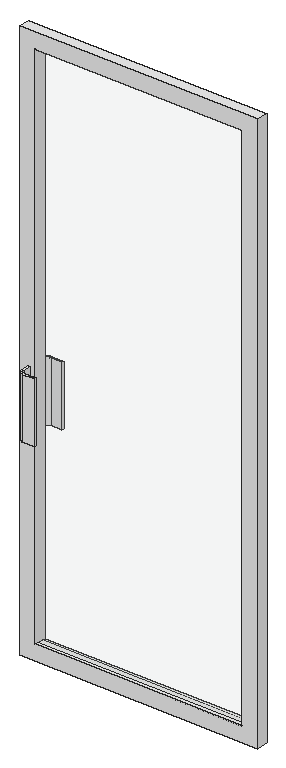
Revit family "M_Door-Curtain-Wall-Single-Storefront R", category Doors, Revit 2016
Family settings
  OmniClass Number = 23.30.10.00
  OmniClass Title = Doors
  Always vertical = Yes
  Cut with Voids When Loaded = No
  Shared = No
  Room Calculation Point = No
Parameters
  Width [instance] = 1800 mm
  Visual Light Transmittance = 0
  Thermal Resistance (R) = 0.242926 (m²·K)/W
  Swing Angle [instance] = 90.00°
  Solar Heat Gain Coefficient = 0
  Offset = 60 mm
  Frame Material = Aluminum
  Construction Type Id = "opn-d46"
  Door Handle Material = Aluminum
  Heat Transfer Coefficient (U) = 4.11674 W/(m²·K)
  Glazing = Glass
  Function = Exterior
  Assembly Code = "B2030100"
  Analytic Construction = "Metal frame, double glass door"
Reference planes
  plane 1 "Center (Front/Back)": y = 0
  plane 2: z = 0
  plane 3 "Center (Left/Right)": x = 0.023
  plane 4 "Left": x = 0.023
  plane 5 "Right": x = 900.023
  plane 6 "Top": z = 2133.6
  plane 7: y = 15.55
  plane 8: y = 60
  plane 9: z = 990.6
  plane 10: z = 762
  plane 11 "Glass": y = 37.775
Forms (mm)
  Extrusion 1, solid, material "Aluminum" <- "Frame Material"
    sketch origin (0, 0, 0) x (1, 0, 0) y (0, 0, 1)
      loop
        line (900.023, 2133.6) -> (0.817, 2133.6) -> (0.817, 0) -> (900.023, 0) -> (900.023, 2133.6)
      loop
        line (842.873, 2076.45) -> (57.967, 2076.45) -> (57.967, 57.15) -> (842.873, 57.15) -> (842.873, 2076.45)
    from -60 to -15.55
  Extrusion 2, solid, material "Glass" <- "Glazing"
    sketch origin (0, 0, 0) x (1, 0, 0) y (0, 0, 1)
      loop
        line (842.873, 2076.45) -> (57.967, 2076.45) -> (57.967, 57.15) -> (842.873, 57.15) -> (842.873, 2076.45)
    from -47.3 to -28.25
  Extrusion 3, solid, material "Aluminum" <- "Door Handle Material", detail levels fine
    sketch origin (-82.5, 0, 0) x (1, 0, 0) y (0, 1, 0)
      loop
        line (114.273, 60) -> (120.623, 60) -> (120.623, 85.4)
        arc (120.623, 85.4) -> (124.343, 94.38) -> (133.323, 98.1) r 12.7
        line (133.323, 98.1) -> (177.773, 98.1) -> (177.773, 104.45) -> (133.323, 104.45)
        arc (133.323, 104.45) -> (119.853, 98.87) -> (114.273, 85.4) r 19.05
        line (114.273, 85.4) -> (114.273, 60)
    from 762 to 990.6
  Extrusion 4, solid, material "Aluminum" <- "Door Handle Material", detail levels fine
    sketch origin (-82.5, 0, 0) x (1, 0, 0) y (0, 1, 0)
      loop
        line (114.273, 15.55) -> (114.273, -12.7)
        arc (114.273, -12.7) -> (119.853, -26.17) -> (133.323, -31.75) r 19.05
        line (133.323, -31.75) -> (177.773, -31.75) -> (177.773, -25.4) -> (133.323, -25.4)
        arc (133.323, -25.4) -> (124.343, -21.68) -> (120.623, -12.7) r 12.7
        line (120.623, -12.7) -> (120.623, 15.55) -> (114.273, 15.55)
    from 762 to 990.6
Lines and regions (mm)
  symbolic lines, style "Elevation Swing"
    curve 1: line (0.817, 0, 2133.6) -> (900.023, 0, 1066.8)
    curve 2: line (900.023, 0, 1066.8) -> (0.817, 0, 0)
  model lines, style "DoorsGlassProjection"
    curve 3: line (57.967, 37.775, 2076.45) -> (57.967, 37.775, 57.15)
Text (mm)
  text "Exterior" at (-1504.924, 797.241, 0), in view "Ref. Level"
Dimensions and locks
  plane 3 "Center (Left/Right)" to plane 5 "Right" = 900 mm
  locked: Extrusion 1 sketch curve to plane 5 "Right" at 57.15
  locked: plane 2 to Extrusion 1 sketch curve at 57.15
  locked: Extrusion 1 sketch curve to plane 6 "Top" at 57.15
  locked: Extrusion 1 sketch curve to Extrusion 1 sketch curve at 57.15
  locked: plane 2 to plane 9 at 990.6
  locked: plane 10 to plane 9 at 228.6
  locked: Extrusion 1 sketch curve to plane 3 "Center (Left/Right)" at 0.794
  locked: plane 7 to plane 8 at 44.45
  locked: Extrusion 2 to plane 8 at 12.7
  locked: plane 7 to Extrusion 2 at 12.7
  plane 2 to plane 6 "Top" = 2133.6 mm
  equal spacing: plane 2, curve 2, plane 6 "Top"
  plane 8 to plane 7 = 44.45 mm
  "Offset": plane 1 "Center (Front/Back)" to plane 8
  equal spacing: plane 7, plane 11 "Glass", plane 8
  aligned and locked: Extrusion 1 to plane 8
  aligned and locked: plane 7 to Extrusion 1
  aligned and locked: Extrusion 3 sketch curve to plane 8
  aligned and locked: Extrusion 4 sketch curve to plane 7
  aligned and locked: Extrusion 3 to plane 9
  aligned and locked: plane 10 to Extrusion 3
  aligned and locked: Extrusion 4 to plane 9
  aligned and locked: plane 10 to Extrusion 4
Automatic sketch dimensions
  Extrusion 1 sketch curve to level = 0 mm
  Extrusion 1 sketch curve to plane 5 "Right" = 0 mm
  Extrusion 1 sketch curve to plane 6 "Top" = 0 mm
  plane 3 "Center (Left/Right)" to Extrusion 2 sketch curve = 57.944 mm
  plane 5 "Right" to Extrusion 2 sketch curve = 57.15 mm
  level to Extrusion 2 sketch curve = 57.15 mm
  plane 6 "Top" to Extrusion 2 sketch curve = 57.15 mm
  curve 1 to plane 6 "Top" = 0 mm
  curve 2 to plane 5 "Right" = 0 mm
  plane 3 "Center (Left/Right)" to curve 2 = 0.794 mm
  Extrusion 4 sketch curve to Extrusion 4 sketch curve = 0 mm  (x2)
  plane 3 "Center (Left/Right)" to Extrusion 4 sketch curve = 31.75 mm
  Extrusion 4 sketch curve to Extrusion 4 sketch curve = 6.35 mm
  Extrusion 4 sketch curve to Extrusion 4 sketch curve = 12.7 mm
  Extrusion 4 sketch curve to Extrusion 4 sketch curve = 44.45 mm
  plane 1 "Center (Front/Back)" to Extrusion 4 sketch curve = 31.75 mm
  Extrusion 3 sketch curve to Extrusion 3 sketch curve = 0 mm  (x2)
  plane 3 "Center (Left/Right)" to Extrusion 3 sketch curve = 31.75 mm
  Extrusion 3 sketch curve to Extrusion 3 sketch curve = 6.35 mm
  Extrusion 3 sketch curve to Extrusion 3 sketch curve = 12.7 mm
  Extrusion 3 sketch curve to Extrusion 3 sketch curve = 44.45 mm
  Extrusion 3 sketch curve to plane 8 = 25.4 mm
  curve 2 to level = 0 mm
  plane 3 "Center (Left/Right)" to curve 1 = 0.794 mm
  plane 3 "Center (Left/Right)" to curve 3 = 57.944 mm
  plane 6 "Top" to curve 3 = 57.15 mm
  level to curve 3 = 57.15 mm
Nested families
  nested 1: "Curtain Wall Door Swing-Single R" at (0.817, 15.55, 0) x (-1, 0, 0) z (0, 0, 1), type "Single"
    with Swing Visible yes, Swing Angle 90.00°, Actual Angle 90.00°
Definition of nested family "Curtain Wall Door Swing-Single R"
  Parameters (values of type "Single")
    Width = 900 mm
    Thickness = 0 mm
    Swing Visible [instance] = Swing Angle > 1.00°  # yes
    Swing Angle [instance] = 45.00°
    Assembly Code = ""
    Analytic Construction = "<None>"
    Actual Angle [instance] = if(Swing Angle < 1.00°, 1.00°, Swing Angle)  # 45.00°
  Reference planes
    plane 1 "Center (Front/Back)": y = 0
    plane 2: z = 0
    plane 3 "Center (Left/Right)": x = 0
    plane 4: x = -900
  Lines and regions (mm)
    symbolic lines
      curve 1: line (0, 0, 0) -> (-900, 0, 0)
      curve 5: line (0, 0, 0) -> (-636.396, 636.396, 0)
    symbolic lines, visible <- "Swing Visible"
      curve 2: arc (-900, 0, 0) -> (-831.492, 344.415, 0) -> (-636.396, 636.396, 0) r 900
    reference lines
      curve 3: line (0, 0, 0) -> (-636.396, 636.396, 0)
    model lines
      curve 4: line (0, 0, 0) -> (0, 0, 25.4)
  Dimensions and locks
    "Width": plane 4 to plane 3 "Center (Left/Right)"
    locked: curve 2 to plane 3 "Center (Left/Right)"
    locked: curve 2 to plane 1 "Center (Front/Back)"
    "Width": curve 3 to curve 3
    locked: curve 4 to plane 2 at 25.4
    "Width": radius of curve 2
    "Actual Angle": angle curve 2 to curve 2
    "Swing Angle": angle curve 3 to plane 1 "Center (Front/Back)"
    aligned and locked: plane 3 "Center (Left/Right)" to curve 1
    aligned and locked: plane 3 "Center (Left/Right)" to curve 3
    aligned and locked: plane 1 "Center (Front/Back)" to curve 3
    aligned and locked: plane 3 "Center (Left/Right)" to curve 4
    aligned and locked: plane 2 to curve 4
    aligned and locked: curve 5 to curve 3
